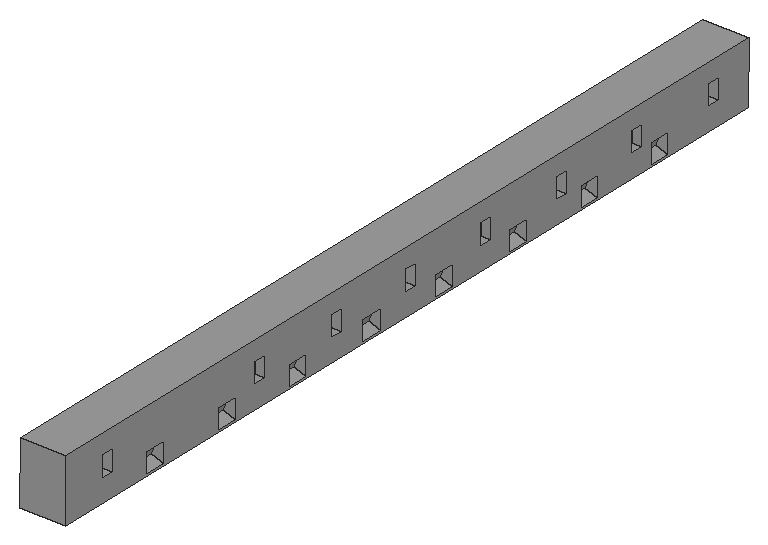
Revit family "凹右005", category 常规模型, Revit 2022
Family settings
  可将钢筋附着到主体 = 否
  圆形连接件大小 = 使用直径
  零件类型 = 标准
  基于工作平面 = 否
  总是垂直 = 是
  加载时剪切的空心 = 否
  保持注释方向 = 否
  共享 = 否
  房间计算点 = 否
Parameters
  默认高程 = 0 mm
Reference planes
  plane 1 "中心(前/后)": y = 0
  plane 2: z = 0
  plane 3 "中心(左/右)": x = 0
Forms (mm)
  Extrusion 1, solid, material "杉木"
    sketch origin (8328.627, 1737.574, 17.157) x (1, 0, 0) y (0, 0, 1)
      loop
        line (-4402.843, -124.979) -> (-4402.843, 282.843) -> (-4702.843, 282.843) -> (-4702.843, -124.979) -> (-4402.843, -124.979)
    from -700 to 4900
  Extrusion 2, void
    sketch origin (0, 0, 0) x (1, 0, 0) y (0, 0, 1)
      loop
        line (3779.656, 119.144) -> (3775.858, 264.16) -> (3624.535, 260.198) -> (3624.535, 119.144) -> (3779.656, 119.144)
    from 2692.426 to 2792.426
  Extrusion 3, void
    sketch origin (1.25, 550, 0) x (1, 0, 0) y (0, 0, 1)
      loop
        line (3779.656, 119.144) -> (3775.858, 264.16) -> (3624.535, 260.198) -> (3624.535, 119.144) -> (3779.656, 119.144)
    from 2682.426 to 2782.426
  Extrusion 4, void
    sketch origin (1.25, 1175.625, 0) x (1, 0, 0) y (0, 0, 1)
      loop
        line (3779.656, 119.144) -> (3775.858, 264.16) -> (3624.535, 260.198) -> (3624.535, 119.144) -> (3779.656, 119.144)
    from 2682.426 to 2782.426
  Extrusion 5, void
    sketch origin (1.25, 1800, 0) x (1, 0, 0) y (0, 0, 1)
      loop
        line (3779.656, 119.144) -> (3775.858, 264.16) -> (3624.535, 260.198) -> (3624.535, 119.144) -> (3779.656, 119.144)
    from 2682.426 to 2782.426
  Extrusion 6, void
    sketch origin (1.25, 2420, 0) x (1, 0, 0) y (0, 0, 1)
      loop
        line (3779.656, 119.144) -> (3775.858, 264.16) -> (3624.535, 260.198) -> (3624.535, 119.144) -> (3779.656, 119.144)
    from 2682.426 to 2782.426
  Extrusion 7, void
    sketch origin (1.25, 3040, 0) x (1, 0, 0) y (0, 0, 1)
      loop
        line (3779.656, 119.144) -> (3775.858, 264.16) -> (3624.535, 260.198) -> (3624.535, 119.144) -> (3779.656, 119.144)
    from 2682.426 to 2782.426
  Extrusion 8, void
    sketch origin (1.25, 3670, 0) x (1, 0, 0) y (0, 0, 1)
      loop
        line (3779.656, 119.144) -> (3775.858, 264.16) -> (3624.535, 260.198) -> (3624.535, 119.144) -> (3779.656, 119.144)
    from 2682.426 to 2782.426
  Extrusion 9, void
    sketch origin (1.25, 4290, 0) x (1, 0, 0) y (0, 0, 1)
      loop
        line (3779.656, 119.144) -> (3775.858, 264.16) -> (3624.535, 260.198) -> (3624.535, 119.144) -> (3779.656, 119.144)
    from 2682.426 to 2782.426
  Extrusion 10, void
    sketch origin (1.25, 4820, 0) x (1, 0, 0) y (0, 0, 1)
      loop
        line (3779.656, 119.144) -> (3775.858, 264.16) -> (3624.535, 260.198) -> (3624.535, 119.144) -> (3779.656, 119.144)
    from 2682.426 to 2782.426
  Extrusion 11, void
    sketch origin (0, 0, 0) x (1, 0, 0) y (0, 0, 1)
      loop
        line (3926.054, 179.12) -> (3860.945, 179.12) -> (3856.109, 40.612) -> (3926.054, 40.612) -> (3926.054, 179.12)
    from 2779.831 to 2869.831
  Extrusion 12, void
    sketch origin (-1.52, 627.406, 0) x (1, 0, 0) y (0, 0, 1)
      loop
        line (3926.054, 179.12) -> (3860.945, 179.12) -> (3856.109, 40.612) -> (3926.054, 40.612) -> (3926.054, 179.12)
    from 2781.149 to 2871.149
  Extrusion 13, void
    sketch origin (-0.27, 1247.406, 0) x (1, 0, 0) y (0, 0, 1)
      loop
        line (3926.054, 179.12) -> (3860.945, 179.12) -> (3856.109, 40.612) -> (3926.054, 40.612) -> (3926.054, 179.12)
    from 2774.899 to 2864.899
  Extrusion 14, void
    sketch origin (-0.27, 1882.406, 0) x (1, 0, 0) y (0, 0, 1)
      loop
        line (3926.054, 179.12) -> (3860.945, 179.12) -> (3856.109, 40.612) -> (3926.054, 40.612) -> (3926.054, 179.12)
    from 2784.274 to 2874.274
  Extrusion 15, void
    sketch origin (-0.27, 2472.406, 0) x (1, 0, 0) y (0, 0, 1)
      loop
        line (3926.054, 179.12) -> (3860.945, 179.12) -> (3856.109, 40.612) -> (3926.054, 40.612) -> (3926.054, 179.12)
    from 2766.149 to 2856.149
  Extrusion 16, void
    sketch origin (-0.27, 3102.406, 0) x (1, 0, 0) y (0, 0, 1)
      loop
        line (3926.054, 179.12) -> (3860.945, 179.12) -> (3856.109, 40.612) -> (3926.054, 40.612) -> (3926.054, 179.12)
    from 2776.149 to 2866.149
  Extrusion 17, void
    sketch origin (-0.27, 3717.406, 0) x (1, 0, 0) y (0, 0, 1)
      loop
        line (3926.054, 179.12) -> (3860.945, 179.12) -> (3856.109, 40.612) -> (3926.054, 40.612) -> (3926.054, 179.12)
    from 2771.149 to 2861.149
  Extrusion 18, void
    sketch origin (-0.27, 4332.406, 0) x (1, 0, 0) y (0, 0, 1)
      loop
        line (3926.054, 179.12) -> (3860.945, 179.12) -> (3856.109, 40.612) -> (3926.054, 40.612) -> (3926.054, 179.12)
    from 2766.149 to 2856.149
  Extrusion 19, void
    sketch origin (-0.27, 4972.406, 0) x (1, 0, 0) y (0, 0, 1)
      loop
        line (3926.054, 179.12) -> (3860.945, 179.12) -> (3856.109, 40.612) -> (3926.054, 40.612) -> (3926.054, 179.12)
    from 2777.237 to 2867.237
  Extrusion 20, void
    sketch origin (0, 0, 0) x (1, 0, 0) y (0, 0, 1)
      loop
        line (3927.215, 36.981) -> (3884.563, 52.505) -> (3842.4, -67.662) -> (3927.215, -98.532) -> (3927.215, 36.981)
    from 2358.614 to 2503.614
  Extrusion 21, void
    sketch origin (0, 569.871, 0) x (1, 0, 0) y (0, 0, 1)
      loop
        line (3927.215, 36.981) -> (3884.563, 52.505) -> (3842.4, -67.662) -> (3927.215, -98.532) -> (3927.215, 36.981)
    from 2340.131 to 2485.805
  Extrusion 22, void
    sketch origin (0, 1154.871, 0) x (1, 0, 0) y (0, 0, 1)
      loop
        line (3927.215, 36.981) -> (3884.563, 52.505) -> (3842.4, -67.662) -> (3927.215, -98.532) -> (3927.215, 36.981)
    from 2345.638 to 2490.756
  Extrusion 23, void
    sketch origin (0, 1759.871, 0) x (1, 0, 0) y (0, 0, 1)
      loop
        line (3927.215, 36.981) -> (3884.563, 52.505) -> (3842.4, -67.662) -> (3927.215, -98.532) -> (3927.215, 36.981)
    from 2335.756 to 2496.477
  Extrusion 24, void
    sketch origin (0, 2364.871, 0) x (1, 0, 0) y (0, 0, 1)
      loop
        line (3927.215, 36.981) -> (3884.563, 52.505) -> (3842.4, -67.662) -> (3927.215, -98.532) -> (3927.215, 36.981)
    from 2353.949 to 2501.06
  Extrusion 25, void
    sketch origin (0, 2964.871, 0) x (1, 0, 0) y (0, 0, 1)
      loop
        line (3927.215, 36.981) -> (3884.563, 52.505) -> (3842.4, -67.662) -> (3927.215, -98.532) -> (3927.215, 36.981)
    from 2345.19 to 2492.92
  Extrusion 26, void
    sketch origin (0, 3561.189, 0) x (1, 0, 0) y (0, 0, 1)
      loop
        line (3927.215, 36.981) -> (3884.563, 52.505) -> (3842.4, -67.662) -> (3927.215, -98.532) -> (3927.215, 36.981)
    from 2361.508 to 2502.023
  Extrusion 27, void
    sketch origin (0, 4141.189, 0) x (1, 0, 0) y (0, 0, 1)
      loop
        line (3927.215, 36.981) -> (3884.563, 52.505) -> (3842.4, -67.662) -> (3927.215, -98.532) -> (3927.215, 36.981)
    from 2361.866 to 2501.866
Cuts and joins
  Extrusion 2, Extrusion 3, Extrusion 4, Extrusion 5, Extrusion 6, Extrusion 7, Extrusion 8, Extrusion 9, Extrusion 10, Extrusion 11, Extrusion 12, Extrusion 13, Extrusion 14, Extrusion 15, Extrusion 16, Extrusion 17, Extrusion 18, Extrusion 19, Extrusion 20, Extrusion 21, Extrusion 22, Extrusion 23, Extrusion 24, Extrusion 25, Extrusion 26, Extrusion 27 cuts Extrusion 1
Dimensions and locks
  aligned and locked: level to plane 2
